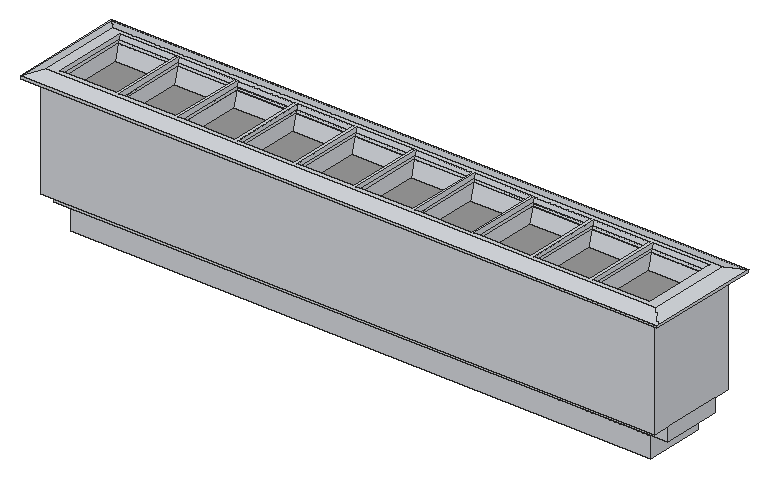
Revit family "2061450 Sylvania Lighting Fixture DOMINO 10xLED 940 BLACK NB TRIM BLACK DALI", category Lighting Fixtures, host Face, Revit 2018
Family settings
  Host = Face
  Round Connector Dimension = Use Diameter
  Part Type = Normal
  OmniClass Number = 23.80.70.00
  OmniClass Title = Lighting
  Cut with Voids When Loaded = No
  Light Source = Yes
  Shared = No
  Room Calculation Point = No
Parameters (values of type "2061450 DOMINO 10XLED 940 BLACK NB TR BLK DALI")
  top top width = 15.812 mm
  top top length = 255 mm
  Width = 50 mm
  Weight = "n/a"
  Wattage Comments = ""
  Wattage = 9.2903 W
  WarrantyStartDate [instance] = "n/a"
  WarrantyGuarantorParts = "n/a"
  WarrantyDurationUnit = "n/a"
  WarrantyDurationParts = ""
  WarrantyDescription = "http://www.sylvania-lighting.com"
  built-in parameter 1150110 = 1 (stored number, unit not read)
  Voltage = 0 V
  URL = "0.96"
  TypeName = "DOMINO 10xLED 940 BLACK NB TRIM BLACK DALI"
  Type Image = <None>
  Type Comments = "n/a"
  built-in parameter 1114217 = 1 (stored number, unit not read)
  Top Width = 26 mm
  Tilt Angle = 90.00°
  built-in parameter 1150109 = 1 (stored number, unit not read)
  built-in parameter 1150134 = 3
  built-in parameter 1150113 = 1 (stored number, unit not read)
  SerialNumber [instance] = "n/a"
  Recessed Width = 43 mm
  Recessed Length = 276 mm
  Photometric Web File = "2061450.ies"
  Material_3_FEILO = none
  PowerFactor = 0
  PowerConsumption = "Lighting"
  NominalLength = 50 mm
  NominalHeight = 0 mm
  NominalDepth = 0 mm
  Name = "DOMINO 10xLED 940 BLACK NB TRIM BLACK DALI"
  ModelReference = Name  # "DOMINO 10xLED 940 BLACK NB TRIM BLACK DALI"
  ModelNumber = "2061450"
  Model = Name  # "DOMINO 10xLED 940 BLACK NB TRIM BLACK DALI"
  Material = "Feilo Sylvania"
  ManufacturerName = "74 lm/W"
  Manufacturer = ""
  LuminousEfficacy = ""
  built-in parameter 1150105 = 109.82 (stored number, unit not read)
  Lumens = 1380 lm
  LuminaireType = "0"
  built-in parameter 1150115 = 1 (stored number, unit not read)
  LightOutputRatio = "LED"
  built-in parameter 1150137 = (empty or 0)
  built-in parameter 1150139 = (empty or 0)
  Lens inside recess = 25 mm
  Lens Width = 32 mm
  Lens Outside recess = 31.978 mm
  Lens = Glass, White, High Luminance
  Length = 280 mm
  LampsType = Lamp  # "n/a"
  LampNominalLuminous = "4000 K"
  LampMacAdamStep = "90"
  LampColourTemperature = "LED"
  LampColourRenderingIndex = "16500"
  built-in parameter 1150112 = 1 (stored number, unit not read)
  built-in parameter 1150114 = 1 (stored number, unit not read)
  Lamp = "n/a"
  Keynote = "n/a"
  InstallationDate [instance] = "n/a"
  InputVoltage = "0"
  InputNominalFrequency = "4000"
  built-in parameter 1150132 = (empty or 0)
  built-in parameter 1150102 = (empty or 0)
  built-in parameter 1150107 = 3200 (stored number, unit not read)
  built-in parameter 1150138 = (empty or 0)
  IngressProtection = "IfcLightFixtureType"
  ImpactProtectionIndex = "IfcLightFixtureType"
  built-in parameter 1150106 = 1.0982 (stored number, unit not read)
  IfcExportType = "IfcLightFixtureType"
  IfcExportAs = "Class II"
  Facia internal width = 37 mm
  Facia internal length = 268 mm
  Facia Height = 2 mm
  ExpectedLife = 50000
  Emit from Circle Diameter = 609.6 mm
  Emit Shape Visible in Rendering = no
  ElectricShockClassification = "74"
  built-in parameter 1150104 = 13.8 (stored number, unit not read)
  DurationUnit = "hours"
  DocumentationLiterature = "http://www.sylvania-lighting.com/product/en-int/products/2061450"
  DimmingControlOptions = "n/a"
  Material_2_FEILO = none
  Dimming Lamp Color Temperature Shift = <None>
  Description = "Modular LED recessed linear spotlight, ideal for retail and hospitality applications. Die-cast aluminium body, passive cooling. Two levels of reflector installation, low glaring UGR<16. 10x LED source, 15° beam angle , optics: PMMA lens and polycarbonate reflector combination, Black matt reflector finish. Light color temperature: 4000K neutral white, total system power: 23W , total fixture lumen output: 1700lm, efficacy: 74 lm/W, Ra90 typical, LED chromacity: 3 step MacAdam ellipse (SDCM3), lifespan: 96,000 hours at 90% of the original output (L90B10), IR/UV free light source without heat radiation, operating voltage: 220-240V / 50-60Hz, electronic driver, ultra low flicker, DALI , electrical protection: Class II. Degree of Protection: IP40/IP20, suitable for indoor environment only. Ceiling cut-out: 43x43mm, outer dimensions:  280x50mm trim frame RAL 9005 - Jet black color.5 years Warranty."
  Default Elevation = 1219.2 mm
  CreatedOn = "11/02/2021"
  CreatedBy = "@sylvania-lighting.com"
  Cost = 0
  Color Filter = 16777215
  built-in parameter 1114216 [instance] = (empty or 0)
  ClassificationValue = "EF_70_80"
  ClassificationName = "Uniclass2015"
  Material_1_FEILO = none
  Body Width = 40 mm
  Body Length = 270 mm
  BarCode [instance] = "n/a"
  built-in parameter 1114218 = 1 (stored number, unit not read)
  built-in parameter 1150133 = 10 (stored number, unit not read)
  AssetType = "Fixed"
  AssetIdentifier [instance] = "n/a"
  Assembly Code = "D5020200"
  Apparent Load = 23 VA
  Material_4_FEILO = none
Reference planes
  plane 1 "Center (Front/Back)": y = 0
  plane 2: z = 0
  plane 3 "Center (Left/Right)": x = 0
  plane 4: z = 0
  plane 5: z = -7
  plane 6: z = -45.895
  plane 7: z = -51.895
  plane 8: z = -60.895
  plane 9: x = -138
  plane 10: x = 138
  plane 11: y = 21.5
  plane 12: y = -21.5
  plane 13: x = -140
  plane 14: x = 140
  plane 15: y = 25
  plane 16: y = -25
  plane 17: x = 134
  plane 18: x = -134
  plane 19: y = 18.5
  plane 20: y = -18.5
  plane 21: z = 2
  plane 22: x = -135
  plane 23: x = 135
  plane 24: y = 20
  plane 25: y = -20
  plane 26: y = 13
  plane 27: y = -13
  plane 28: x = 127.5
  plane 29: x = -127.5
  plane 30: x = -132
  plane 31: y = 16.5
  plane 32: y = -16.472
  plane 33: y = 13
  plane 34: y = -12.972
  plane 35: x = 129.7
  plane 36: x = 127.224
Forms (mm)
  Extrusion 1, solid, not visible, detail levels medium+fine
    sketch origin (4.2, 0, 0) x (1, 0, 0) y (0, 1, 0)
      loop
        line (-29.2, 34.5) -> (-29.2, -34.5) -> (20.8, -34.5) -> (20.8, 34.5) -> (-29.2, 34.5)
    from 0 to 1
  Extrusion 2, solid, not visible, detail levels medium+fine
    sketch origin (4.044, 0, 0) x (1, 0, 0) y (0, 1, 0)
      loop
        line (-29.2, 34.5) -> (-29.2, -34.5) -> (20.8, -34.5) -> (20.8, 34.5) -> (-29.2, 34.5)
    from 0 to 1
  Blend 3, solid, not visible, detail levels medium+fine
    base sketch origin (4.2, 0, 0) x (1, 0, 0) y (0, 1, 0)
      loop
        line (-29.2, 34.5) -> (-29.2, -34.5) -> (20.8, -34.5) -> (20.8, 34.5) -> (-29.2, 34.5)
    top sketch origin (4.2, 0, 0) x (1, 0, 0) y (0, 1, 0)
      loop
        line (-21.7, 28) -> (-21.7, -28) -> (13.3, -28) -> (13.3, 28) -> (-21.7, 28)
    from 1 to 3
  Extrusion 4, solid, not visible, detail levels medium+fine
    sketch origin (3.419, 0, 0) x (1, 0, 0) y (0, 1, 0)
      loop
        line (-29.2, 34.5) -> (-29.2, -34.5) -> (20.8, -34.5) -> (20.8, 34.5) -> (-29.2, 34.5)
    from 0 to 1
  Blend 5, solid, not visible, detail levels medium+fine
    base sketch origin (3.575, 0, 0) x (1, 0, 0) y (0, 1, 0)
      loop
        line (-29.2, 34.5) -> (-29.2, -34.5) -> (20.8, -34.5) -> (20.8, 34.5) -> (-29.2, 34.5)
    top sketch origin (3.575, 0, 0) x (1, 0, 0) y (0, 1, 0)
      loop
        line (-21.7, 28) -> (-21.7, -28) -> (13.3, -28) -> (13.3, 28) -> (-21.7, 28)
    from 1 to 3
  Extrusion 6, solid, not visible, detail levels medium+fine
    sketch origin (4.247, 0, 0) x (1, 0, 0) y (0, 1, 0)
      loop
        line (-29.2, 34.5) -> (-29.2, -34.5) -> (20.8, -34.5) -> (20.8, 34.5) -> (-29.2, 34.5)
    from 0 to 1
  Blend 7, solid, not visible, detail levels medium+fine
    base sketch origin (4.403, 0, 0) x (1, 0, 0) y (0, 1, 0)
      loop
        line (-29.2, 34.5) -> (-29.2, -34.5) -> (20.8, -34.5) -> (20.8, 34.5) -> (-29.2, 34.5)
    top sketch origin (4.403, 0, 0) x (1, 0, 0) y (0, 1, 0)
      loop
        line (-21.7, 28) -> (-21.7, -28) -> (13.3, -28) -> (13.3, 28) -> (-21.7, 28)
    from 1 to 3
  Extrusion 8, void, detail levels medium+fine
    sketch origin (4.2, 0, 0) x (0, 1, 0) y (1, 0, 0)
      loop
        line (21.5, -142.2) -> (21.5, 133.8) -> (-21.5, 133.8) -> (-21.5, -142.2) -> (21.5, -142.2)
    from -9.934 to 83.097
  Extrusion 9, solid, detail levels medium+fine
    sketch origin (4.2, 0, 0) x (1, 0, 0) y (0, 1, 0)
      loop
        line (-144.2, 25) -> (-144.2, -25) -> (135.8, -25) -> (135.8, 25) -> (-144.2, 25)
    from 0 to 1
  Extrusion 10, solid, detail levels medium+fine
    sketch origin (4.2, 0, 0) x (1, 0, 0) y (0, 1, 0)
      loop
        line (-139.2, 20) -> (-139.2, -20) -> (130.8, -20) -> (130.8, 20) -> (-139.2, 20)
    from 0 to -45.895
  Extrusion 11, solid, detail levels medium+fine
    sketch origin (4.2, 0, 0) x (1, 0, 0) y (0, 1, 0)
      loop
        line (-139.2, 13) -> (-139.2, -13) -> (130.8, -13) -> (130.8, 13) -> (-139.2, 13)
    from -51.895 to -45.895
  Extrusion 12, solid, material "Glass, White, High Luminance" <- "Lens", detail levels fine
    sketch origin (-53.155, 1221.106, 36.156) x (1, 0, 0) y (0, 1, 0)
      loop
        line (-76.18, -1206.856) -> (-76.18, -1232.856) -> (-52.18, -1232.856) -> (-52.18, -1206.856) -> (-76.18, -1206.856)
    from -43.156 to -42.182
  Blend 13, solid, detail levels medium+fine
    base sketch origin (4.2, 0, 0) x (1, 0, 0) y (0, 1, 0)
      loop
        line (-144.2, 25) -> (-144.2, -25) -> (135.8, -25) -> (135.8, 25) -> (-144.2, 25)
    top sketch origin (4.2, 0, 0) x (1, 0, 0) y (0, 1, 0)
      loop
        line (-138.2, 18.5) -> (-138.2, -18.5) -> (129.8, -18.5) -> (129.8, 18.5) -> (-138.2, 18.5)
    from 1 to 3
  Extrusion 14, solid, detail levels fine
    sketch origin (0, 0, 0) x (1, 0, 0) y (0, 0, 1)
      loop
        line (-127.5, -51.895) -> (-127.5, -60.895) -> (127.5, -60.895) -> (127.5, -51.895) -> (-127.5, -51.895)
    from -13 to 13
  Blend 15, void
    base sketch origin (-59.8, 0, 0) x (0, 1, 0) y (-1, 0, 0)
      loop
        line (16.5, 69.7) -> (-16.472, 69.7) -> (-16.472, 44.7) -> (16.5, 44.7) -> (16.5, 69.7)
    top sketch origin (-59.8, 0, 0) x (0, 1, 0) y (-1, 0, 0)
      loop
        line (13, 69.2) -> (-12.972, 69.2) -> (-12.972, 45.2) -> (13, 45.2) -> (13, 69.2)
    from 3 to -7
  Blend 16, void
    base sketch origin (18.282, 0, 0) x (0, 1, 0) y (-1, 0, 0)
      loop
        line (16.5, 69.7) -> (-16.472, 69.7) -> (-16.472, 44.7) -> (16.5, 44.7) -> (16.5, 69.7)
    top sketch origin (18.282, 0, 0) x (0, 1, 0) y (-1, 0, 0)
      loop
        line (13, 69.2) -> (-12.972, 69.2) -> (-12.972, 45.2) -> (13, 45.2) -> (13, 69.2)
    from 3 to -7
  Blend 17, void
    base sketch origin (44.284, -0.017, 0) x (0, 1, 0) y (-1, 0, 0)
      loop
        line (16.5, 69.7) -> (-16.472, 69.7) -> (-16.472, 44.7) -> (16.5, 44.7) -> (16.5, 69.7)
    top sketch origin (44.284, -0.017, 0) x (0, 1, 0) y (-1, 0, 0)
      loop
        line (13, 69.2) -> (-12.972, 69.2) -> (-12.972, 45.2) -> (13, 45.2) -> (13, 69.2)
    from 3 to -7
  Blend 18, void
    base sketch origin (70.327, 0, 0) x (0, 1, 0) y (-1, 0, 0)
      loop
        line (16.5, 69.7) -> (-16.472, 69.7) -> (-16.472, 44.7) -> (16.5, 44.7) -> (16.5, 69.7)
    top sketch origin (70.327, 0, 0) x (0, 1, 0) y (-1, 0, 0)
      loop
        line (13, 69.2) -> (-12.972, 69.2) -> (-12.972, 45.2) -> (13, 45.2) -> (13, 69.2)
    from 3 to -7
  Blend 19, void
    base sketch origin (96.351, 0, 0) x (0, 1, 0) y (-1, 0, 0)
      loop
        line (16.5, 69.7) -> (-16.472, 69.7) -> (-16.472, 44.7) -> (16.5, 44.7) -> (16.5, 69.7)
    top sketch origin (96.351, 0, 0) x (0, 1, 0) y (-1, 0, 0)
      loop
        line (13, 69.2) -> (-12.972, 69.2) -> (-12.972, 45.2) -> (13, 45.2) -> (13, 69.2)
    from 3 to -7
  Extrusion 20, solid, material "Glass, White, High Luminance" <- "Lens", detail levels fine
    sketch origin (-29.269, 1219.946, 36.156) x (1, 0, 0) y (0, 1, 0)
      loop
        line (-73.723, -1206.946) -> (-73.723, -1232.946) -> (-49.723, -1232.946) -> (-49.723, -1206.946) -> (-73.723, -1206.946)
    from -43.156 to -42.182
  Extrusion 21, solid, material "Glass, White, High Luminance" <- "Lens", detail levels fine
    sketch origin (-0.613, 1219.733, 36.156) x (1, 0, 0) y (0, 1, 0)
      loop
        line (-76.347, -1206.7) -> (-76.347, -1232.733) -> (-52.347, -1232.733) -> (-52.347, -1206.7) -> (-76.347, -1206.7)
    from -43.156 to -42.182
  Extrusion 22, solid, material "Glass, White, High Luminance" <- "Lens", detail levels fine
    sketch origin (24.387, 1218.509, 36.156) x (1, 0, 0) y (0, 1, 0)
      loop
        line (-75.305, -1205.509) -> (-75.305, -1231.509) -> (-51.305, -1231.509) -> (-51.305, -1205.509) -> (-75.305, -1205.509)
    from -43.156 to -42.182
  Extrusion 23, solid, material "Glass, White, High Luminance" <- "Lens", detail levels fine
    sketch origin (51.187, 1219.547, 36.156) x (1, 0, 0) y (0, 1, 0)
      loop
        line (-76.102, -1206.547) -> (-76.102, -1232.547) -> (-52.102, -1232.547) -> (-52.102, -1206.547) -> (-76.102, -1206.547)
    from -43.156 to -42.182
  Blend 24, void
    base sketch origin (-33.792, 0, 0) x (0, 1, 0) y (-1, 0, 0)
      loop
        line (16.5, 69.7) -> (-16.472, 69.7) -> (-16.472, 44.7) -> (16.5, 44.7) -> (16.5, 69.7)
    top sketch origin (-33.792, 0, 0) x (0, 1, 0) y (-1, 0, 0)
      loop
        line (13, 69.2) -> (-12.972, 69.2) -> (-12.972, 45.2) -> (13, 45.2) -> (13, 69.2)
    from 3 to -7
  Blend 25, void
    base sketch origin (-7.76, 0, 0) x (0, 1, 0) y (-1, 0, 0)
      loop
        line (16.5, 69.7) -> (-16.472, 69.7) -> (-16.472, 44.7) -> (16.5, 44.7) -> (16.5, 69.7)
    top sketch origin (-7.76, 0, 0) x (0, 1, 0) y (-1, 0, 0)
      loop
        line (13, 69.2) -> (-12.972, 69.2) -> (-12.972, 45.2) -> (13, 45.2) -> (13, 69.2)
    from 3 to -7
  Blend 26, void
    base sketch origin (122.411, 0, 0) x (0, 1, 0) y (-1, 0, 0)
      loop
        line (16.5, 69.7) -> (-16.472, 69.7) -> (-16.472, 44.7) -> (16.5, 44.7) -> (16.5, 69.7)
    top sketch origin (122.411, 0, 0) x (0, 1, 0) y (-1, 0, 0)
      loop
        line (13, 69.2) -> (-12.972, 69.2) -> (-12.972, 45.2) -> (13, 45.2) -> (13, 69.2)
    from 3 to -7
  Extrusion 27, solid, material "Glass, White, High Luminance" <- "Lens", detail levels fine
    sketch origin (77.265, 1219.547, 36.156) x (1, 0, 0) y (0, 1, 0)
      loop
        line (-76.102, -1206.547) -> (-76.102, -1232.547) -> (-52.102, -1232.547) -> (-52.102, -1206.547) -> (-76.102, -1206.547)
    from -43.156 to -42.182
  Extrusion 28, solid, material "Glass, White, High Luminance" <- "Lens", detail levels fine
    sketch origin (100.753, 1219.547, 36.156) x (1, 0, 0) y (0, 1, 0)
      loop
        line (-76.102, -1206.547) -> (-76.102, -1232.547) -> (-52.102, -1232.547) -> (-52.102, -1206.547) -> (-76.102, -1206.547)
    from -43.156 to -42.182
  Extrusion 29, solid, material "Glass, White, High Luminance" <- "Lens", detail levels fine
    sketch origin (129.314, 1219.547, 36.156) x (1, 0, 0) y (0, 1, 0)
      loop
        line (-76.102, -1206.547) -> (-76.102, -1232.547) -> (-52.102, -1232.547) -> (-52.102, -1206.547) -> (-76.102, -1206.547)
    from -43.156 to -42.182
  Blend 30, void
    base sketch origin (148.416, 0, 0) x (0, 1, 0) y (-1, 0, 0)
      loop
        line (16.5, 69.7) -> (-16.472, 69.7) -> (-16.472, 44.7) -> (16.5, 44.7) -> (16.5, 69.7)
    top sketch origin (148.416, 0, 0) x (0, 1, 0) y (-1, 0, 0)
      loop
        line (13, 69.2) -> (-12.972, 69.2) -> (-12.972, 45.2) -> (13, 45.2) -> (13, 69.2)
    from 3 to -7
  Extrusion 31, solid, material "Glass, White, High Luminance" <- "Lens", detail levels fine
    sketch origin (155.278, 1219.547, 36.156) x (1, 0, 0) y (0, 1, 0)
      loop
        line (-76.102, -1206.547) -> (-76.102, -1232.547) -> (-52.102, -1232.547) -> (-52.102, -1206.547) -> (-76.102, -1206.547)
    from -43.156 to -42.182
  Blend 32, void
    base sketch origin (174.42, 0, 0) x (0, 1, 0) y (-1, 0, 0)
      loop
        line (16.5, 69.7) -> (-16.472, 69.7) -> (-16.472, 44.7) -> (16.5, 44.7) -> (16.5, 69.7)
    top sketch origin (174.42, 0, 0) x (0, 1, 0) y (-1, 0, 0)
      loop
        line (13, 69.2) -> (-12.972, 69.2) -> (-12.972, 45.2) -> (13, 45.2) -> (13, 69.2)
    from 3 to -7
  Extrusion 33, solid, material "Glass, White, High Luminance" <- "Lens", detail levels fine
    sketch origin (181.434, 1219.547, 36.156) x (1, 0, 0) y (0, 1, 0)
      loop
        line (-76.214, -1206.547) -> (-76.214, -1232.547) -> (-52.214, -1232.547) -> (-52.214, -1206.547) -> (-76.214, -1206.547)
    from -43.156 to -42.182
  Extrusion 34, solid, detail levels coarse
    sketch origin (4.2, 0, 0) x (1, 0, 0) y (0, 1, 0)
      loop
        line (-144.2, 25) -> (-144.2, -25) -> (135.8, -25) -> (135.8, 25) -> (-144.2, 25)
    from -60.895 to 3
Cuts and joins
  Blend 15, Blend 16, Blend 17, Blend 18, Blend 19, Blend 24, Blend 25, Blend 26, Blend 30, Blend 32 cuts Extrusion 9
  Blend 15, Blend 16, Blend 17, Blend 18, Blend 19, Blend 24, Blend 25, Blend 26, Blend 30, Blend 32 cuts Extrusion 10
  Blend 15, Blend 16, Blend 17, Blend 18, Blend 19, Blend 24, Blend 25, Blend 26, Blend 30, Blend 32 cuts Blend 13
  Blend 32 cuts Extrusion 31
Dimensions and locks
  "Recessed Length": plane 9 to plane 10
  equal spacing: plane 9, plane 3 "Center (Left/Right)", plane 10
  "Length": plane 13 to plane 14
  equal spacing: plane 13, plane 3 "Center (Left/Right)", plane 14
  "Recessed Width": plane 11 to plane 12
  equal spacing: plane 11, plane 1 "Center (Front/Back)", plane 12
  "Width": plane 15 to plane 16
  equal spacing: plane 15, plane 1 "Center (Front/Back)", plane 16
  "Facia internal length": plane 18 to plane 17
  equal spacing: plane 18, plane 3 "Center (Left/Right)", plane 17
  "Facia internal width": plane 19 to plane 20
  equal spacing: plane 19, plane 1 "Center (Front/Back)", plane 20
  "Facia Height": plane 21 to host face
  "Body Length": plane 22 to plane 23
  equal spacing: plane 22, plane 3 "Center (Left/Right)", plane 23
  "Body Width": plane 24 to plane 25
  equal spacing: plane 24, plane 1 "Center (Front/Back)", plane 25
  "Top Width": plane 26 to plane 27
  equal spacing: plane 26, plane 1 "Center (Front/Back)", plane 27
  "top top length": plane 29 to plane 28
  equal spacing: plane 29, plane 3 "Center (Left/Right)", plane 28  (x2)
  plane 28 to plane 29 = 255 mm
  equal spacing: plane 28, plane 3 "Center (Left/Right)", plane 29
  aligned and locked: plane 2 to host face
  aligned and locked: level to host face
  aligned and locked: Extrusion 11 to plane 7
  aligned and locked: Extrusion 10 to plane 6
  aligned and locked: Extrusion 12 to plane 5
Automatic sketch dimensions
  Extrusion 1 sketch curve to Extrusion 1 sketch curve = 50 mm
  Extrusion 1 sketch curve to Extrusion 1 sketch curve = 69 mm
  Extrusion 2 sketch curve to Extrusion 2 sketch curve = 50 mm
  Extrusion 2 sketch curve to Extrusion 2 sketch curve = 69 mm
  Blend 3 sketch curve to Blend 3 sketch curve = 50 mm
  Blend 3 sketch curve to Blend 3 sketch curve = 69 mm
  Blend 3 sketch curve to Blend 3 sketch curve = 35 mm
  Blend 3 sketch curve to Blend 3 sketch curve = 56 mm
  Extrusion 4 sketch curve to Extrusion 4 sketch curve = 50 mm
  Extrusion 4 sketch curve to Extrusion 4 sketch curve = 69 mm
  Blend 5 sketch curve to Blend 5 sketch curve = 50 mm
  Blend 5 sketch curve to Blend 5 sketch curve = 69 mm
  Blend 5 sketch curve to Blend 5 sketch curve = 35 mm
  Blend 5 sketch curve to Blend 5 sketch curve = 56 mm
  Extrusion 6 sketch curve to Extrusion 6 sketch curve = 50 mm
  Extrusion 6 sketch curve to Extrusion 6 sketch curve = 69 mm
  Blend 7 sketch curve to Blend 7 sketch curve = 50 mm
  Blend 7 sketch curve to Blend 7 sketch curve = 69 mm
  Blend 7 sketch curve to Blend 7 sketch curve = 35 mm
  Blend 7 sketch curve to Blend 7 sketch curve = 56 mm
  host sketch curve to host sketch curve = 2438.4 mm  (x2)
  Extrusion 8 sketch curve to plane 9 = 0 mm
  Extrusion 8 sketch curve to plane 12 = 0 mm
  Extrusion 8 sketch curve to plane 11 = 0 mm
  Extrusion 8 sketch curve to plane 10 = 0 mm
  Extrusion 9 sketch curve to plane 13 = 0 mm
  Extrusion 9 sketch curve to plane 14 = 0 mm
  Extrusion 9 sketch curve to plane 16 = 0 mm
  Extrusion 9 sketch curve to plane 15 = 0 mm
  Extrusion 10 sketch curve to plane 22 = 0 mm
  Extrusion 10 sketch curve to plane 23 = 0 mm
  Extrusion 10 sketch curve to plane 25 = 0 mm
  Extrusion 10 sketch curve to plane 24 = 0 mm
  Extrusion 11 sketch curve to plane 22 = 0 mm
  Extrusion 11 sketch curve to plane 23 = 0 mm
  Extrusion 11 sketch curve to plane 27 = 0 mm
  plane 26 to Extrusion 11 sketch curve = 0 mm
  plane 27 to Extrusion 12 sketch curve = 1.25 mm
  plane 26 to Extrusion 12 sketch curve = 1.25 mm
  plane 30 to Extrusion 12 sketch curve = 2.665 mm
  Blend 13 sketch curve to plane 13 = 0 mm
  Blend 13 sketch curve to plane 14 = 0 mm
  Blend 13 sketch curve to plane 16 = 0 mm
  Blend 13 sketch curve to plane 15 = 0 mm
  Blend 13 sketch curve to plane 18 = 0 mm
  Blend 13 sketch curve to plane 17 = 0 mm
  Blend 13 sketch curve to plane 20 = 0 mm
  Blend 13 sketch curve to plane 19 = 0 mm
  Extrusion 14 sketch curve to plane 8 = 0 mm
  Extrusion 14 sketch curve to plane 29 = 0 mm
  Extrusion 14 sketch curve to plane 28 = 0 mm
  Extrusion 14 sketch curve to plane 7 = 0 mm
  plane 30 to Blend 15 sketch curve = 2.5 mm
  Blend 15 sketch curve to plane 32 = 0 mm
  Blend 15 sketch curve to plane 31 = 0 mm
  Blend 15 sketch curve to plane 34 = 0 mm
  Blend 15 sketch curve to plane 26 = 0 mm
  plane 30 to Blend 15 sketch curve = 3 mm
  Blend 16 sketch curve to plane 32 = 0 mm
  Blend 16 sketch curve to plane 31 = 0 mm
  Blend 16 sketch curve to plane 34 = 0 mm
  Blend 16 sketch curve to plane 26 = 0 mm
  Blend 17 sketch curve to plane 32 = 0.017 mm
  Blend 17 sketch curve to plane 31 = 0.017 mm
  plane 27 to Blend 17 sketch curve = 0.011 mm
  Blend 17 sketch curve to plane 26 = 0.017 mm
  plane 32 to Blend 18 sketch curve = 0 mm
  plane 31 to Blend 18 sketch curve = 0 mm
  plane 34 to Blend 18 sketch curve = 0 mm
  plane 26 to Blend 18 sketch curve = 0 mm
  Blend 19 sketch curve to plane 32 = 0 mm
  Blend 19 sketch curve to plane 31 = 0 mm
  Blend 19 sketch curve to plane 34 = 0 mm
  Blend 19 sketch curve to plane 26 = 0 mm
  Extrusion 20 sketch curve to plane 27 = 0 mm
  Extrusion 20 sketch curve to plane 26 = 0 mm
  Extrusion 21 sketch curve to plane 27 = 0 mm
  plane 26 to Extrusion 21 sketch curve = 0.033 mm
  Extrusion 22 sketch curve to plane 27 = 0 mm
  Extrusion 22 sketch curve to plane 26 = 0 mm
  Extrusion 23 sketch curve to plane 27 = 0 mm
  Extrusion 23 sketch curve to plane 26 = 0 mm
  Blend 24 sketch curve to plane 32 = 0 mm
  Blend 24 sketch curve to plane 31 = 0 mm
  Blend 24 sketch curve to plane 34 = 0 mm
  Blend 24 sketch curve to plane 26 = 0 mm
  Blend 25 sketch curve to plane 32 = 0 mm
  Blend 25 sketch curve to plane 31 = 0 mm
  Blend 25 sketch curve to plane 34 = 0 mm
  Blend 25 sketch curve to plane 26 = 0 mm
  Blend 26 sketch curve to plane 32 = 0 mm
  Blend 26 sketch curve to plane 31 = 0 mm
  Blend 26 sketch curve to plane 34 = 0 mm
  Blend 26 sketch curve to plane 26 = 0 mm
  Extrusion 27 sketch curve to plane 27 = 0 mm
  Extrusion 27 sketch curve to plane 26 = 0 mm
  Extrusion 28 sketch curve to plane 27 = 0 mm
  Extrusion 28 sketch curve to plane 26 = 0 mm
  Extrusion 29 sketch curve to plane 27 = 0 mm
  Extrusion 29 sketch curve to plane 26 = 0 mm
  Blend 30 sketch curve to plane 32 = 0 mm
  Blend 30 sketch curve to plane 31 = 0 mm
  Blend 30 sketch curve to plane 34 = 0 mm
  Blend 30 sketch curve to plane 26 = 0 mm
  Extrusion 31 sketch curve to plane 27 = 0 mm
  Extrusion 31 sketch curve to plane 26 = 0 mm
  Blend 32 sketch curve to plane 32 = 0 mm
  Blend 32 sketch curve to plane 31 = 0 mm
  plane 28 to Blend 32 sketch curve = 2.22 mm
  Blend 32 sketch curve to plane 34 = 0 mm
  Blend 32 sketch curve to plane 26 = 0 mm
  plane 28 to Blend 32 sketch curve = 1.72 mm
  plane 27 to Extrusion 33 sketch curve = 0 mm
  plane 26 to Extrusion 33 sketch curve = 0 mm
  plane 28 to Extrusion 33 sketch curve = 1.72 mm
  Extrusion 21 sketch curve to Extrusion 21 sketch curve = 24 mm
  Blend 25 sketch curve to Blend 25 sketch curve = 24 mm
  plane 29 to Extrusion 12 sketch curve = 22.165 mm
  plane 29 to Blend 15 sketch curve = 23 mm
  plane 29 to Blend 15 sketch curve = 22.5 mm
  plane 29 to Extrusion 20 sketch curve = 24.508 mm
  Extrusion 20 sketch curve to Extrusion 20 sketch curve = 24 mm
  plane 29 to Blend 24 sketch curve = 49.008 mm
  plane 29 to Blend 24 sketch curve = 24.008 mm
  plane 29 to Blend 24 sketch curve = 48.508 mm
  Blend 24 sketch curve to Blend 24 sketch curve = 24 mm
  Blend 25 sketch curve to Blend 25 sketch curve = 25 mm
  Blend 16 sketch curve to Blend 16 sketch curve = 25 mm
  Blend 16 sketch curve to Blend 16 sketch curve = 24 mm
  plane 29 to Extrusion 21 sketch curve = 50.54 mm
  Extrusion 22 sketch curve to Extrusion 22 sketch curve = 24 mm
  Blend 16 sketch curve to plane 3 "Center (Left/Right)" = 26.418 mm
  Blend 16 sketch curve to plane 3 "Center (Left/Right)" = 26.918 mm
  Blend 17 sketch curve to plane 3 "Center (Left/Right)" = 0.416 mm
  Blend 17 sketch curve to Blend 17 sketch curve = 25 mm
  Blend 17 sketch curve to plane 3 "Center (Left/Right)" = 0.916 mm
  Blend 17 sketch curve to Blend 17 sketch curve = 24 mm
  plane 3 "Center (Left/Right)" to Blend 18 sketch curve = 0.627 mm
  plane 3 "Center (Left/Right)" to Blend 18 sketch curve = 1.127 mm
  Extrusion 22 sketch curve to plane 3 "Center (Left/Right)" = 50.918 mm
  Extrusion 23 sketch curve to plane 3 "Center (Left/Right)" = 24.916 mm
  Extrusion 23 sketch curve to plane 3 "Center (Left/Right)" = 0.916 mm
  Blend 25 sketch curve to plane 3 "Center (Left/Right)" = 52.46 mm
  Blend 25 sketch curve to plane 3 "Center (Left/Right)" = 52.96 mm
  plane 3 "Center (Left/Right)" to Extrusion 27 sketch curve = 1.162 mm
  Blend 18 sketch curve to Blend 18 sketch curve = 25 mm
  Blend 18 sketch curve to Blend 18 sketch curve = 24 mm
  plane 3 "Center (Left/Right)" to Blend 19 sketch curve = 51.651 mm
  Blend 19 sketch curve to Blend 19 sketch curve = 25 mm
  plane 3 "Center (Left/Right)" to Blend 19 sketch curve = 51.151 mm
  Blend 19 sketch curve to Blend 19 sketch curve = 24 mm
  Blend 26 sketch curve to plane 36 = 49.513 mm
  Blend 26 sketch curve to Blend 26 sketch curve = 25 mm
  Blend 26 sketch curve to plane 36 = 50.013 mm
  Blend 26 sketch curve to Blend 26 sketch curve = 24 mm
  Extrusion 27 sketch curve to Extrusion 27 sketch curve = 24 mm
  plane 3 "Center (Left/Right)" to Extrusion 28 sketch curve = 24.651 mm
  Extrusion 28 sketch curve to Extrusion 28 sketch curve = 24 mm
  plane 3 "Center (Left/Right)" to Extrusion 29 sketch curve = 53.211 mm
  Extrusion 29 sketch curve to Extrusion 29 sketch curve = 24 mm
  Blend 30 sketch curve to plane 36 = 23.508 mm
  Blend 30 sketch curve to Blend 30 sketch curve = 25 mm
  Blend 30 sketch curve to plane 36 = 24.008 mm
  Blend 30 sketch curve to Blend 30 sketch curve = 24 mm
  Extrusion 31 sketch curve to plane 36 = 48.048 mm
  Extrusion 31 sketch curve to Extrusion 31 sketch curve = 24 mm
  Blend 32 sketch curve to plane 36 = 22.504 mm
  Blend 32 sketch curve to plane 36 = 22.004 mm
  Extrusion 33 sketch curve to plane 36 = 22.004 mm
  Extrusion 34 sketch curve to plane 13 = 0 mm
  Extrusion 34 sketch curve to plane 14 = 0 mm
  Extrusion 34 sketch curve to plane 16 = 0 mm
  Extrusion 34 sketch curve to plane 15 = 0 mm
Connectors
  electrical at (0, 0, -60.895)
    settings: on Extrusion 14, index 1, voltage 0 V, apparent load 0 VA, apparent load phase1 0 VA, apparent load phase2 0 VA, apparent load phase3 0 VA, power factor 1, load classification "Other", number of poles 1, system type 31, power factor state 1, is connector primary yes, connector utility no, sub classification motor no, connector description ""
